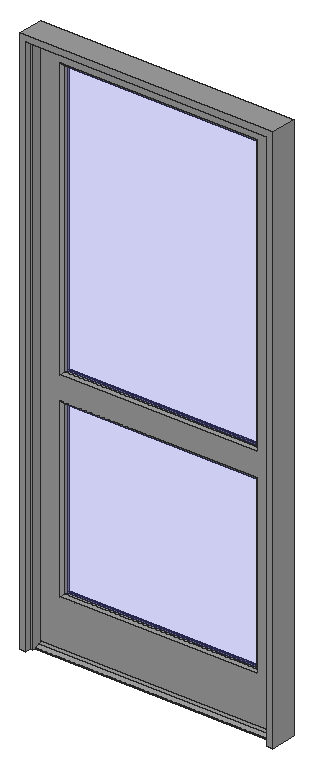
Revit family "MS-375 DOOR-VIP-0-25-CW_v04", category Curtain Panels, Revit 2015
Parameters
  Width [instance] = 3' - 2"
  VIP2 Panic Devices [instance] = not(VIP1 Panic Devices)  # yes
  URL = "obe.com"
  Rough Width [instance] = 3' - 0"
  Panel Width [instance] = [Min-Max Panel Width]  # 3' - 6"
  Panel Offset [instance] = 0' - 0"
  Offset [instance] = 0' - 0"
  Model = "MS-375 DOOR"
  Min-Max Rough Width [instance] = if(and((Rough Width > 3' 1 255/256"), (Rough Width < 3' 8 1/256")), Rough Width, 3' 8")  # 3' - 8"
  Min-Max Panel Width [instance] = if(and((Rough Width > 3' 1 255/256"), (Rough Width < 3' 8 1/256")), Rough Width - 0' 2", 3' 6")  # 3' - 6"
  Manufacturer = "Oldcastle BuildingEnvelope®"
  Keynote = "08 11 00"
  Hinge [instance] = yes
  Height [instance] = 8' - 0"
  Pushbar Height [instance] = 3' - 5 1/4"  # constant formula
  Glass Material = Glass
  Frame Material = Aluminum
  Door Panel Height [instance] = Height - 0' 0 5/8"  # 7' - 11 3/8"
  Description = "MS-375 - 1/4\" Door Infill"
  Assembly Code = "B2030"
  Analytic Construction = "<None>"
  VIP1 Panic Devices [instance] = no
  10 Bottom Rail [instance] = not([8 Bottom Rail])  # no
  8 Bottom Rail [instance] = yes
Reference planes (in)
  plane 1 "Front": y = 0
  plane 2: z = 0
  plane 3 "Center (Left/Right)": x = 0
  plane 4 "Left": x = -19
  plane 5 "Right": x = 19
  plane 6 "Top": z = 96
  plane 7 "Offset": y = 0
  plane 8: y = -1.28244
  plane 9: y = -1.28244
  plane 10: x = -22
  plane 11: x = 22
Forms (in)
  Sweep 1, solid, material "Aluminum" <- "Frame Material"
    path origin (0, 0, 0) x (-1, 0, 0) y (0, 0, 1)
      loop
        line (22, 0) -> (22, 96)
    profile origin (-22, 0, 48) x (1, 0, 0) y (0, 1, 0)
      loop
        line (1, -1.97) -> (1, 0) -> (0, 0) -> (0, -4.5) -> (1, -4.5) -> (1, -3.595) -> (1.5, -3.595) -> (1.5, -1.97) -> (1, -1.97)
  Sweep 2, solid, material "Aluminum" <- "Frame Material"
    path origin (0, 0, 0) x (-1, 0, 0) y (0, 0, 1)
      loop
        line (-22, 0) -> (-22, 96)
    profile origin (22, 0, 48) x (1, 0, 0) y (0, 1, 0)
      loop
        line (-1, -1.97) -> (-1.5, -1.97) -> (-1.5, -3.595) -> (-1, -3.595) -> (-1, -4.5) -> (0, -4.5) -> (0, 0) -> (-1, 0) -> (-1, -1.97)
  Extrusion 3, solid, material "Aluminum" <- "Frame Material"
    sketch origin (-19, 0, 0) x (0, -1, 0) y (0, 0, 1)
      loop
        line (1.97, 94.5) -> (3.595, 94.5) -> (3.595, 95) -> (4.5, 95) -> (4.5, 96) -> (0, 96) -> (0, 95) -> (1.97, 95) -> (1.97, 94.5)
    from -41 to 3
Cuts and joins
  joined: Sweep 1, Sweep 2, Extrusion 3
Text (in)
  text "Exterior" at (-54.29358, 31.38743, 0), in view "Ref. Level"
  text "Exterior" at (480, 41.53993, 89.60405), in view "Right"
  text "Exterior" at (-240, 57.82419, 105.78864), in view "Left"
Dimensions and locks (in)
  equal spacing: plane 4 "Left", plane 3 "Center (Left/Right)", plane 5 "Right"
  "Width": plane 4 "Left" to plane 5 "Right"
  "Height": plane 6 "Top" to plane 2
  "Offset": plane 1 "Front" to plane 7 "Offset"
  locked: plane 7 "Offset" to plane 8 at 1.28244
  locked: plane 7 "Offset" to plane 9 at 1.28244
  Extrusion 3 sketch curve to Extrusion 3 sketch curve to Extrusion 3 sketch curve = 0' - 0 1/2" locked, 0' - 0" locked
  Extrusion 3 sketch curve to Extrusion 3 sketch curve to Extrusion 3 sketch curve to Extrusion 3 sketch curve = 0' - 1.97" locked, 0' - 1 5/8" locked, 0' - 0.905" locked
  locked: Extrusion 3 sketch curve to Extrusion 3 sketch curve at 1
  equal spacing: plane 10, plane 3 "Center (Left/Right)", plane 11
  "Min-Max Rough Width": plane 10 to plane 11
  aligned and locked: level to plane 2
  aligned and locked: plane 6 "Top" to Sweep 1 sketch curve
  aligned and locked: level to Sweep 1 sketch curve
  aligned and locked: plane 6 "Top" to Sweep 2 sketch curve
  aligned and locked: level to Sweep 2 sketch curve
  aligned and locked: Extrusion 3 to plane 6 "Top"
  aligned and locked: Extrusion 3 sketch curve to plane 6 "Top"
  aligned and locked: plane 3 "Center (Left/Right)" to nested 1
  aligned and locked: nested 1 to plane 7 "Offset"
  aligned and locked: Sweep 1 sketch curve to plane 10
  aligned and locked: Sweep 2 sketch curve to plane 11
  aligned and locked: plane 11 to cut or joined group of Sweep 1, Sweep 2, Extrusion 3
  aligned and locked: cut or joined group of Sweep 1, Sweep 2, Extrusion 3 to plane 10
Automatic sketch dimensions
  Sweep 1 sketch curve to profile plane = 0' - 0"
  Sweep 1 sketch curve to plane 7 "Offset" = 0' - 0"
  Sweep 1 sketch curve to profile plane = 0' - 1"  (x2)
  Sweep 1 sketch curve to Sweep 1 sketch curve = 0' - 0 1/2"
  Sweep 1 sketch curve to plane 7 "Offset" = 0' - 1.97"
  Sweep 1 sketch curve to Sweep 1 sketch curve = 0' - 1 5/8"
  Sweep 1 sketch curve to Sweep 1 sketch curve = 0' - 0.905"
  Sweep 2 sketch curve to plane 7 "Offset" = 0' - 0"
  Sweep 2 sketch curve to profile plane = 0' - 0"
  profile plane to Sweep 2 sketch curve = 0' - 1"  (x2)
  Sweep 2 sketch curve to Sweep 2 sketch curve = 0' - 0 1/2"
  Sweep 2 sketch curve to plane 7 "Offset" = 0' - 1.97"
  Sweep 2 sketch curve to Sweep 2 sketch curve = 0' - 1 5/8"
  Sweep 2 sketch curve to Sweep 2 sketch curve = 0' - 0.905"
  Extrusion 3 sketch curve to plane 7 "Offset" = 0' - 0"
Nested families (in)
  nested 1: "MS-375 DOOR-VIP-0.25-Panel_v03" at (0, -16, 0), Height <- "Door Panel Height", Hinge <- "Hinge", Frame Material <- "Frame Material", Glass Material <- "Glass Material", Width <- "Min-Max Panel Width", VIP1 Panic Devices <- "VIP1 Panic Devices", 8 Bottom Rail <- "8 Bottom Rail", Offset <- "Panel Offset", type "MS-375 DOOR-VIP-0.25-Panel_v03"
    with built-in parameter 1001301 3' - 6", VIP1 Panic Devices no, Pushbar Height 3' - 5 1/4", Offset 0' - 0", Hinge yes, built-in parameter 1001300 7' - 11 3/8", Glass at Muntin 0' - 4 9/16", Glass Material Glass, Frame Material Aluminum, Bottom Rail 0' - 8 31/32", 8 Bottom Rail yes
Definition of nested family "MS-375 DOOR-VIP-0.25-Panel_v03"
  Parameters (values of type "MS-375 DOOR-VIP-0.25-Panel_v03")
    Width [instance] = 3' - 6"
    VIP1 Panic Devices [instance] = yes
    Offset [instance] = 0' - 1"
    Hinge [instance] = yes
    Height [instance] = 8' - 0"
    Glass at Muntin [instance] = if(VIP1 Panic Devices, 0' 8 9/16", 0' 4 9/16")  # 0' - 8 9/16"
    Pushbar Height [instance] = 3' - 5 1/4"  # constant formula
    Glass Material [instance] = none
    Frame Material [instance] = none
    Bottom Rail [instance] = if([8 Bottom Rail], 0' 8 31/32", 0' 10 31/32")  # 0' - 10 31/32"
    8 Bottom Rail [instance] = no
  Reference planes (in)
    plane 1 "00": y = 14.0625
    plane 2: z = 0
    plane 3 "Center (Left/Right)": x = 0
    plane 4: z = 96
    plane 5: x = 21
    plane 6: x = -21
    plane 7 "Center (Front/Back)": y = 16
    plane 8 "Exterior": y = 14.1875
    plane 9: z = 48
    plane 10: z = 92.21875
    plane 11: x = 16.88167
    plane 12: x = -16.87021
    plane 13: y = 15
    plane 14: z = 36.96875
    plane 15: z = 45.53125
    plane 16: z = 92.21875
    plane 17: z = 41.25
  Forms (in)
    Sweep 1, solid, material <- "Frame Material"
      path origin (0, 14.0625, 0) x (1, 0, 0) y (0, 0, 1)
        loop
          line (-20.79133, 96) -> (20.80279, 96)
      profile origin (0.00573, 14.0625, 96) x (0, 0, 1) y (0, -1, 0)
        loop
          line (-0.5, -0.875) -> (-0.5, 0.875) -> (-3.49593, 0.875) -> (-4, 0.45204) -> (-4, 0.125) -> (-3.78125, 0.125) -> (-3.78125, -0.125) -> (-4, -0.125) -> (-4, -0.45204) -> (-3.49593, -0.875) -> (-0.5, -0.875)
    Extrusion 2, solid, material <- "Glass Material"
      sketch origin (0, 0, 0) x (0, 1, 0) y (0, 0, 1)
        loop
          line (14.1875, 36.96875) -> (13.9375, 36.96875) -> (13.9375, 10.96875) -> (14.1875, 10.96875) -> (14.1875, 36.96875)
      from -16.87021 to 16.88167
    Sweep 3, solid, material <- "Frame Material"
      path origin (0, 14.0625, 0) x (1, 0, 0) y (0, 0, 1)
        loop
          line (20.80279, 0) -> (-20.79133, 0)
      profile origin (0.00573, 14.0625, 0) x (0, 0, -1) y (0, -1, 0)
        loop
          line (-10.68343, -0.875) -> (-0.6875, -0.875) -> (-0.6875, 0.875) -> (-10.68343, 0.875) -> (-11.1875, 0.45204) -> (-11.1875, 0.125) -> (-10.96875, 0.125) -> (-10.96875, -0.125) -> (-11.1875, -0.125) -> (-11.1875, -0.45204) -> (-10.68343, -0.875)
    Sweep 4, solid, material <- "Frame Material"
      path origin (0, 14.0625, 0) x (1, 0, 0) y (0, 0, 1)
        loop
          line (21, 95.5) -> (21, 0.6875)
      profile origin (21, 14.0625, 48.09375) x (0, -1, 0) y (1, 0, 0)
        loop
          line (-0.875, -0.0878) -> (-0.875, -3.83301) -> (-0.45204, -4.33708) -> (-0.125, -4.33708) -> (-0.125, -4.11833) -> (0.125, -4.11833) -> (0.125, -4.33708) -> (0.45204, -4.33708) -> (0.875, -3.83301) -> (0.875, -0.19721) -> (-0.875, -0.0878)
    Sweep 5, solid, material <- "Frame Material"
      path origin (0, 14.0625, 0) x (1, 0, 0) y (0, 0, 1)
        loop
          line (-21, 95.5) -> (-21, 0.6875)
      profile origin (-21, 14.0625, 48.09375) x (0, -1, 0) y (1, 0, 0)
        loop
          line (-0.875, 0.09967) -> (0.875, 0.20867) -> (0.875, 3.84447) -> (0.45204, 4.34854) -> (0.125, 4.34854) -> (0.125, 4.12979) -> (-0.125, 4.12979) -> (-0.125, 4.34854) -> (-0.45204, 4.34854) -> (-0.875, 3.84447) -> (-0.875, 0.09967)
    Extrusion 6, solid, material <- "Glass Material"
      sketch origin (0, 0, 0) x (0, 1, 0) y (0, 0, 1)
        loop
          line (13.9375, 92.21875) -> (13.9375, 45.53125) -> (14.1875, 45.53125) -> (14.1875, 92.21875) -> (13.9375, 92.21875)
      from -16.87021 to 16.88167
    Sweep 7, solid, material <- "Frame Material"
      path origin (0, 14.0625, 0) x (1, 0, 0) y (0, 0, 1)
        loop
          line (20.80279, 48) -> (-20.79133, 48)
      profile origin (0.00573, 14.0625, 48) x (0, 0, -1) y (0, -1, 0)
        loop
          line (2.25, -0.45204) -> (2.75407, -0.875) -> (10.74593, -0.875) -> (11.25, -0.45204) -> (11.25, -0.125) -> (11.03125, -0.125) -> (11.03125, 0.125) -> (11.25, 0.125) -> (11.25, 0.45204) -> (10.74593, 0.875) -> (2.75407, 0.875) -> (2.25, 0.45204) -> (2.25, 0.125) -> (2.46875, 0.125) -> (2.46875, -0.125) -> (2.25, -0.125) -> (2.25, -0.45204)
    Sweep 8, solid, material <- "Frame Material"
      path origin (0, 14.0625, 0) x (1, 0, 0) y (0, 0, 1)
        loop
          line (-20.79133, 0) -> (20.80279, 0)
      profile origin (0.00573, 14.0625, 0) x (0, 0, 1) y (0, -1, 0)
        loop
          line (0.5, 1.5305) -> (0.19364, 2.1875) -> (0, 2.1875) -> (0, -1.8125) -> (0.19364, -1.8125) -> (0.5, -1.1555) -> (0.5, 1.5305)
  Cuts and joins
    joined: Sweep 1, Sweep 3, Sweep 4, Sweep 5, Sweep 7
  Lines and regions (in)
    model lines
      curve 1: line (16.88167, 14.1875, 92.21875) -> (-17.15553, 14.1875, 48)
      curve 2: line (-17.15553, 14.1875, 48) -> (19.13239, 14.1875, 10.96875)
  Dimensions and locks (in)
    "Height": plane 4 to level
    "Width": plane 6 to plane 5
    Extrusion 2 sketch curve to plane 1 "00" to Extrusion 2 sketch curve = 0' - 0 1/8" locked, 0' - 0 1/8" locked
    "Bottom Rail": Extrusion 2 sketch curve to level
    locked: plane 11 to plane 5 at 4.11833
    locked: plane 6 to plane 12 at 4.12979
    plane 1 "00" to plane 8 "Exterior" to plane 13 = 0' - 0 1/8" locked, 0' - 0 13/16" locked
    equal spacing: level, plane 9, plane 4
    locked: Sweep 3 sketch curve to plane 6 at 0.20867
    locked: plane 5 to Sweep 3 sketch curve at 0.19721
    locked: Sweep 4 sketch curve to plane 4 at 0.5
    locked: Sweep 5 sketch curve to plane 4 at 0.5
    locked: Sweep 1 sketch curve to plane 6 at 0.20867
    locked: plane 5 to Sweep 1 sketch curve at 0.19721
    "Bottom Rail": Sweep 3 sketch curve to level
    Sweep 3 sketch curve to Sweep 3 sketch curve to Sweep 3 sketch curve to Sweep 3 sketch curve to Sweep 3 sketch curve = 0' - 0" locked, 0' - 0 7/32" locked, 0' - 0.28532" locked, 0' - 0" locked
    Extrusion 6 sketch curve to plane 1 "00" to Extrusion 6 sketch curve = 0' - 0 1/8" locked, 0' - 0 1/8" locked
    locked: plane 5 to Sweep 7 sketch curve at 0.19721
    locked: Sweep 7 sketch curve to plane 6 at 0.20867
    equal spacing: plane 6, plane 3 "Center (Left/Right)", plane 5
    "Offset": plane 13 to plane 7 "Center (Front/Back)"
    locked: plane 16 to plane 4 at 3.78125
    locked: plane 15 to Sweep 7 sketch curve at 0.21875  (x2)
    locked: Sweep 7 sketch curve to plane 14 at 0.21875
    locked: plane 14 to Sweep 7 sketch curve at 0.21875
    "Glass at Muntin": plane 14 to plane 15
    equal spacing: plane 14, plane 17, plane 15
    "Pushbar Height": plane 2 to plane 17
    locked: plane 5 to Sweep 8 sketch curve at 0.19721
    locked: Sweep 8 sketch curve to plane 6 at 0.20867
    locked: Sweep 5 sketch curve to plane 2 at 0.6875
    locked: Sweep 4 sketch curve to plane 2 at 0.6875
    aligned and locked: plane 2 to level
    aligned and locked: Sweep 1 sketch curve to plane 4
    aligned and locked: Sweep 3 sketch curve to level
    aligned and locked: plane 5 to Sweep 4 sketch curve
    aligned and locked: plane 6 to Sweep 5 sketch curve
    aligned and locked: Sweep 7 sketch curve to plane 9
    aligned and locked: Extrusion 6 to plane 11
    aligned and locked: plane 12 to Extrusion 6  (x2)
    aligned and locked: Extrusion 6 to cut or joined group of Sweep 1, Sweep 3, Sweep 4, Sweep 5, Sweep 7
    aligned and locked: curve 1 to cut or joined group of Sweep 1, Sweep 3, Sweep 4, Sweep 5, Sweep 7
    aligned and locked: plane 9 to curve 1
    aligned and locked: curve 2 to Extrusion 2
    aligned and locked: plane 11 to Extrusion 6
    aligned and locked: Extrusion 2 to plane 11
    aligned and locked: plane 12 to Extrusion 2
    aligned and locked: plane 15 to Extrusion 6
    aligned and locked: Extrusion 2 to plane 14
    aligned and locked: Sweep 8 sketch curve to plane 2
  Automatic sketch dimensions
    profile plane to Sweep 1 sketch curve = 0' - 0 1/2"
    Sweep 1 sketch curve to plane 1 "00" = 0' - 0 7/8"
    Sweep 1 sketch curve to Sweep 1 sketch curve = 0' - 2.99593"
    Sweep 1 sketch curve to plane 1 "00" = 0' - 0.45204"
    Sweep 1 sketch curve to Sweep 1 sketch curve = 0' - 0.50407"  (x2)
    Sweep 1 sketch curve to plane 1 "00" = 0' - 0 1/8"
    Sweep 1 sketch curve to Sweep 1 sketch curve = 0' - 0 7/32"  (x2)
    plane 1 "00" to Sweep 1 sketch curve = 0' - 0 1/8"
    plane 1 "00" to Sweep 1 sketch curve = 0' - 0 7/8"
    Sweep 1 sketch curve to Sweep 1 sketch curve = 0' - 0.32704"
    level to Extrusion 6 sketch curve = 3' - 9 17/32"
    Extrusion 6 sketch curve to plane 4 = 0' - 3 25/32"
    Sweep 4 sketch curve to plane 1 "00" = 0' - 0 7/8"
    Sweep 4 sketch curve to plane 1 "00" = 0' - 0.45204"
    Sweep 4 sketch curve to plane 1 "00" = 0' - 0 1/8"
    plane 1 "00" to Sweep 4 sketch curve = 0' - 0 1/8"
    Sweep 4 sketch curve to Sweep 4 sketch curve = 0' - 0.32704"
    Sweep 4 sketch curve to Sweep 4 sketch curve = 0' - 0.42296"
    profile plane to Sweep 4 sketch curve = 0' - 4.33708"
    Sweep 4 sketch curve to Sweep 4 sketch curve = 0' - 0"
    Sweep 4 sketch curve to Sweep 4 sketch curve = 0' - 0 7/32"
    Sweep 4 sketch curve to Sweep 4 sketch curve = 0' - 0.50407"  (x2)
    profile plane to Sweep 4 sketch curve = 0' - 0.0878"
    profile plane to Sweep 4 sketch curve = 0' - 0.19721"
    Sweep 5 sketch curve to plane 1 "00" = 0' - 0 7/8"
    Sweep 5 sketch curve to plane 1 "00" = 0' - 0.45204"
    Sweep 5 sketch curve to plane 1 "00" = 0' - 0 1/8"
    plane 1 "00" to Sweep 5 sketch curve = 0' - 0 1/8"
    Sweep 5 sketch curve to Sweep 5 sketch curve = 0' - 0.32704"
    Sweep 5 sketch curve to Sweep 5 sketch curve = 0' - 0.42296"
    Sweep 5 sketch curve to profile plane = 0' - 3.84447"
    Sweep 5 sketch curve to Sweep 5 sketch curve = 0' - 0"
    Sweep 5 sketch curve to Sweep 5 sketch curve = 0' - 0.28532"
    Sweep 5 sketch curve to Sweep 5 sketch curve = 0' - 0 7/32"  (x2)
    Sweep 5 sketch curve to profile plane = 0' - 0.20867"
    Sweep 5 sketch curve to profile plane = 0' - 0.09967"
    curve 1 to plane 4 = 0' - 3 25/32"
    curve 2 to plane 12 = 0' - 0.28532"
    plane 11 to curve 2 = 0' - 2.25072"
    Sweep 7 sketch curve to plane 1 "00" = 0' - 0 1/8"  (x2)
    Sweep 7 sketch curve to plane 1 "00" = 0' - 0 7/8"
    Sweep 7 sketch curve to Sweep 7 sketch curve = 0' - 0.28532"  (x2)
    Sweep 7 sketch curve to Sweep 7 sketch curve = 0' - 0.50407"  (x2)
    Sweep 7 sketch curve to Sweep 7 sketch curve = 0' - 0.32704"  (x4)
    plane 1 "00" to Sweep 7 sketch curve = 0' - 0 1/8"  (x2)
    Sweep 7 sketch curve to Sweep 7 sketch curve = 0' - 0 7/32"  (x2)
    plane 1 "00" to Sweep 7 sketch curve = 0' - 0 7/8"
    Sweep 8 sketch curve to profile plane = 0' - 0.19364"  (x2)
    Sweep 8 sketch curve to plane 1 "00" = 0' - 1 13/16"
    Sweep 8 sketch curve to profile plane = 0' - 0 1/2"
    Sweep 8 sketch curve to Sweep 8 sketch curve = 0' - 0.657"  (x2)
    plane 1 "00" to Sweep 8 sketch curve = 0' - 2 3/16"
    Sweep 8 sketch curve to profile plane = 0' - 0"
    plane 14 to Extrusion 2 sketch curve = 0' - 0"
    profile plane to Sweep 3 sketch curve = 0' - 0 11/16"
    Sweep 3 sketch curve to plane 1 "00" = 0' - 0 7/8"
    Sweep 3 sketch curve to plane 1 "00" = 0' - 0.45204"
    Sweep 3 sketch curve to plane 1 "00" = 0' - 0 1/8"
    plane 1 "00" to Sweep 3 sketch curve = 0' - 0 1/8"
    Sweep 3 sketch curve to Sweep 3 sketch curve = 0' - 0.32704"
    Sweep 3 sketch curve to Sweep 3 sketch curve = 0' - 0.42296"
